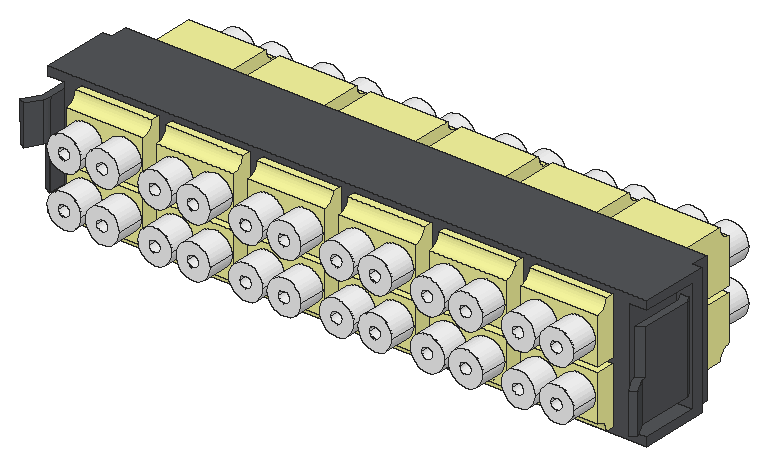
Revit family "LC Duplex 24 fibres", category Installations électriques, Revit 2020
Family settings
  Conserver l'orientation des annotations = Non
  Cote de connecteur circulaire = Utiliser le diamètre
  Type d'élément = Normal
  Basée sur le plan de construction = Non
  Toujours verticalement = Oui
  Couper avec des vides une fois chargée = Non
  Partagée = Non
  Point de calcul de pièce = Non
Parameters (values of type "Bloc LC Duplex HD 24 fibres multimode")
  Type de fibre optique = "Multimode"
  Type de connecteur interne = "LC_DUPLEX"
  Type de connecteur externe = "LC_DUPLEX"
  Température de stockage = "-10°C à 60°C"
  Température de fonctionnement = "-10°C à 60°C"
  Référence Legrand = "032125"
  RAL = "9017"
  Profondeur = 38.4 mm
  Nombre de connecteurs = 24
  Lien e-catalogue = "https://www.legrand.fr/reference/032125/pro"
  Libellé BIM = "Bloc LC Duplex HD 24 fibres multimode"
  Largeur des connecteurs = 13.5 mm
  Largeur de l'ouverture = 6 mm
  Largeur (mm) = 108.8 mm
  IP = "IP20"
  IK = "IK04"
  Hauteur des connecteurs = 10 mm
  Hauteur de l'ouverture = 1 mm
  Hauteur = 23 mm
  Fonction = "Panneaux de brassage à connecteur optique Legrand"
  Elévation par défaut = 0 mm
  EAN = "3414970961891"
  Couleur des connecteurs = IDS_JAUNE
  Couleur = IDS_NOIR
  Classe ETIM = "EC001130"
Types (2, lengths in mm): name | Type de fibre optique | Référence Legrand | Lien e-catalogue | Libellé BIM | EAN | Couleur des connecteurs
  Bloc LC Duplex HD 24 fibres monomode | "Monomode" | "032115" | "https://www.legrand.fr/reference/032115/pro" | "Bloc LC Duplex HD 24 fibres monomode" | "3414970961754" | IDS_BLEU
  Bloc LC Duplex HD 24 fibres multimode | "Multimode" | "032125" | "https://www.legrand.fr/reference/032125/pro" | "Bloc LC Duplex HD 24 fibres multimode" | "3414970961891" | IDS_JAUNE
Reference planes
  plane 1 "Centre (avant/arrière)": y = 0
  plane 2: z = 0
  plane 3 "Centre (gauche/droite)": x = 0
  plane 4 "Clip bas": z = 4
  plane 5 "Clip haut": z = 19
  plane 6: x = 105.5
  plane 7: x = 52.75
  plane 8: through (0.797, -2.504, 1200) normal (-0.866, 0.5, 0)
  plane 9: z = 1
  plane 10: z = 11
  plane 11: z = 12
  plane 12: z = 22
  plane 13: x = 6
  plane 14: x = 19.5
  plane 15: z = 23
  plane 16: x = 22
  plane 17: x = 35.5
  plane 18: x = 38
  plane 19: x = 51.5
  plane 20: x = 54
  plane 21: x = 67.5
  plane 22: x = 70
  plane 23: x = 83.5
  plane 24: x = 86
  plane 25: x = 99.5
  plane 26: y = -3.5
  plane 27: y = 25.5
  plane 28: z = 16
  plane 29: x = 12.75
  plane 30: x = 9.375
  plane 31: x = 16.125
  plane 32: z = 7
  plane 33: y = 11
  plane 34: z = 16
  plane 35: x = 28.75
  plane 36: x = 25.375
  plane 37: x = 32.125
  plane 38: z = 7
  plane 39: z = 16
  plane 40: x = 44.75
  plane 41: x = 41.375
  plane 42: x = 48.125
  plane 43: z = 7
  plane 44: z = 16
  plane 45: x = 60.75
  plane 46: x = 57.375
  plane 47: x = 64.125
  plane 48: z = 7
  plane 49: z = 16
  plane 50: x = 76.75
  plane 51: x = 73.375
  plane 52: x = 80.125
  plane 53: z = 7
  plane 54: z = 16
  plane 55: x = 92.75
  plane 56: x = 89.375
  plane 57: x = 96.125
  plane 58: z = 7
  plane 59: z = 16
  plane 60: x = 12.75
  plane 61: x = 9.375
  plane 62: x = 16.125
  plane 63: z = 7
  plane 64: z = 16
  plane 65: x = 28.75
  plane 66: x = 25.375
  plane 67: x = 32.125
  plane 68: z = 7
  plane 69: z = 16
  plane 70: x = 44.75
  plane 71: x = 41.375
  plane 72: x = 48.125
  plane 73: z = 7
  plane 74: z = 16
  plane 75: x = 60.75
  plane 76: x = 57.375
  plane 77: x = 64.125
  plane 78: z = 7
  plane 79: z = 16
  plane 80: x = 76.75
  plane 81: x = 73.375
  plane 82: x = 80.125
  plane 83: z = 7
  plane 84: z = 16
  plane 85: x = 92.75
  plane 86: x = 89.375
  plane 87: x = 96.125
  plane 88: z = 7
Forms (mm)
  Extrusion 1, solid, material "IDS_NOIR"
    sketch origin (0, 0, 0) x (1, 0, 0) y (0, 1, 0)
      loop
        line (0, 0) -> (105.5, 0) -> (105.5, 12) -> (103.9, 12) -> (103.9, 15) -> (1.6, 15) -> (1.6, 12) -> (0, 12) -> (0, 0)
    from 0 to 23
  Extrusion 2, void
    sketch origin (0, 0, 0) x (-1, 0, 0) y (0, 0, 1)
      loop
        line (0, 21.5) -> (-3, 21.5) -> (-3, 1.5) -> (0, 1.5) -> (0, 21.5)
      loop
        line (-105.5, 21.5) -> (-105.5, 1.5) -> (-102.5, 1.5) -> (-102.5, 21.5) -> (-105.5, 21.5)
    from 0 to 10
  Extrusion 3, solid, material "IDS_NOIR"
    sketch origin (0, 25.162, 4) x (0, 1, 0) y (-1, 0, 0)
      loop
        line (-29.912, 0.5) -> (-27.374, -0.965)
        arc (-27.374, -0.965) -> (-26.771, -1.215) -> (-26.124, -1.3) r 2.5
        line (-26.124, -1.3) -> (-16.662, -1.3) -> (-15.162, -2.166) -> (-15.162, -0.665) -> (-16.313, 0) -> (-26.446, 0) -> (-29.262, 1.626) -> (-29.912, 0.5)
      loop
        line (-29.912, -106) -> (-29.262, -107.126) -> (-26.446, -105.5) -> (-16.313, -105.5) -> (-15.162, -104.835) -> (-15.162, -103.334) -> (-16.662, -104.2) -> (-26.124, -104.2)
        arc (-26.124, -104.2) -> (-26.771, -104.285) -> (-27.374, -104.535) r 2.5
        line (-27.374, -104.535) -> (-29.912, -106)
    from 0 to 15
  Extrusion 4, void
    sketch origin (0.797, -2.504, 1200) x (0.5, 0.866025, 0) y (0, 0, 1)
      loop
        line (-2.593, -1196) -> (1.407, -1196) -> (1.407, -1188) -> (-2.593, -1188) -> (-2.593, -1196)
    from 0 to -2.615
  Extrusion 5, void
    sketch origin (104.703, -2.504, 1200) x (-0.5, 0.866025, 0) y (0, 0, -1)
      loop
        line (-2.593, 1181) -> (1.407, 1181) -> (1.407, 1189) -> (-2.593, 1189) -> (-2.593, 1181)
    from 0 to -2.615
  Extrusion 6, void
    sketch origin (2.941, 0, 0) x (-1, 0, 0) y (0, 0, 1)
      loop
        line (-3.059, 11) -> (-16.559, 11) -> (-16.559, 1) -> (-3.059, 1) -> (-3.059, 11)
      loop
        line (-19.059, 1) -> (-19.059, 11) -> (-32.559, 11) -> (-32.559, 1) -> (-19.059, 1)
      loop
        line (-35.059, 11) -> (-48.559, 11) -> (-48.559, 1) -> (-35.059, 1) -> (-35.059, 11)
      loop
        line (-51.059, 1) -> (-51.059, 11) -> (-64.559, 11) -> (-64.559, 1) -> (-51.059, 1)
      loop
        line (-67.059, 1) -> (-67.059, 11) -> (-80.559, 11) -> (-80.559, 1) -> (-67.059, 1)
      loop
        line (-83.059, 1) -> (-83.059, 11) -> (-96.559, 11) -> (-96.559, 1) -> (-83.059, 1)
    from 0 to 15
  Extrusion 7, void
    sketch origin (0, 0, 0) x (-1, 0, 0) y (0, 0, 1)
      loop
        line (-6, 12) -> (-6, 22) -> (-19.5, 22) -> (-19.5, 12) -> (-6, 12)
      loop
        line (-22, 12) -> (-22, 22) -> (-35.5, 22) -> (-35.5, 12) -> (-22, 12)
      loop
        line (-38, 22) -> (-51.5, 22) -> (-51.5, 12) -> (-38, 12) -> (-38, 22)
      loop
        line (-54, 12) -> (-54, 22) -> (-67.5, 22) -> (-67.5, 12) -> (-54, 12)
      loop
        line (-70, 12) -> (-70, 22) -> (-83.5, 22) -> (-83.5, 12) -> (-70, 12)
      loop
        line (-86, 12) -> (-86, 22) -> (-99.5, 22) -> (-99.5, 12) -> (-86, 12)
    from 0 to 15
  Extrusion 8, solid, material "IDS_JAUNE" <- "Couleur des connecteurs"
    sketch origin (3.167, -3.5, 1200) x (-1, 0, 0) y (0, 0, 1)
      loop
        line (-16.333, -1199) -> (-2.833, -1199) -> (-2.833, -1189) -> (-16.333, -1189) -> (-16.333, -1199)
      loop
        line (-16.333, -1188) -> (-2.833, -1188) -> (-2.833, -1178) -> (-16.333, -1178) -> (-16.333, -1188)
      loop
        line (-18.833, -1188) -> (-18.833, -1178) -> (-32.333, -1178) -> (-32.333, -1188) -> (-18.833, -1188)
      loop
        line (-18.833, -1189) -> (-32.333, -1189) -> (-32.333, -1199) -> (-18.833, -1199) -> (-18.833, -1189)
      loop
        line (-34.833, -1199) -> (-34.833, -1189) -> (-48.333, -1189) -> (-48.333, -1199) -> (-34.833, -1199)
      loop
        line (-48.333, -1188) -> (-34.833, -1188) -> (-34.833, -1178) -> (-48.333, -1178) -> (-48.333, -1188)
      loop
        line (-50.833, -1188) -> (-50.833, -1178) -> (-64.333, -1178) -> (-64.333, -1188) -> (-50.833, -1188)
      loop
        line (-50.833, -1189) -> (-64.333, -1189) -> (-64.333, -1199) -> (-50.833, -1199) -> (-50.833, -1189)
      loop
        line (-66.833, -1199) -> (-66.833, -1189) -> (-80.333, -1189) -> (-80.333, -1199) -> (-66.833, -1199)
      loop
        line (-80.333, -1188) -> (-66.833, -1188) -> (-66.833, -1178) -> (-80.333, -1178) -> (-80.333, -1188)
      loop
        line (-82.833, -1188) -> (-82.833, -1178) -> (-96.333, -1178) -> (-96.333, -1188) -> (-82.833, -1188)
      loop
        line (-82.833, -1189) -> (-96.333, -1189) -> (-96.333, -1199) -> (-82.833, -1199) -> (-82.833, -1189)
    from 0 to 29
  Extrusion 9, void
    sketch origin (6, -1524, 1.878) x (0, 0, 1) y (0, -1, 0)
      loop
        line (-0.878, -1520.5) -> (-0.878, -1522.5)
        arc (-0.878, -1522.5) -> (0.536, -1521.914) -> (1.122, -1520.5) r 2
        line (1.122, -1520.5) -> (-0.878, -1520.5)
      loop
        line (20.122, -1522.5) -> (20.122, -1520.5) -> (18.122, -1520.5)
        arc (18.122, -1520.5) -> (18.707, -1521.914) -> (20.122, -1522.5) r 2
      loop
        line (18.122, -1549.5) -> (20.122, -1549.5) -> (20.122, -1547.5)
        arc (20.122, -1547.5) -> (18.707, -1548.086) -> (18.122, -1549.5) r 2
      loop
        line (-0.878, -1549.5) -> (1.122, -1549.5)
        arc (1.122, -1549.5) -> (0.536, -1548.086) -> (-0.878, -1547.5) r 2
        line (-0.878, -1547.5) -> (-0.878, -1549.5)
    from 0 to 93.5
  Extrusion 10, solid, material "IDS_BLANC"
    sketch origin (3.167, -3.5, 1200) x (-1, 0, 0) y (0, 0, 1)
      loop
        circle (-6.208, -1184) r 3
      loop
        circle (-6.208, -1184) r 1
      loop
        circle (-12.958, -1184) r 3
      loop
        circle (-12.958, -1184) r 1
      loop
        circle (-6.208, -1193) r 3
      loop
        circle (-6.208, -1193) r 1
      loop
        circle (-12.958, -1193) r 3
      loop
        circle (-12.958, -1193) r 1
    from 0 to -4.7
  Extrusion 11, solid, material "IDS_BLANC"
    sketch origin (19.167, -3.5, 1200) x (-1, 0, 0) y (0, 0, 1)
      loop
        circle (-6.208, -1184) r 3
      loop
        circle (-6.208, -1184) r 1
      loop
        circle (-12.958, -1184) r 3
      loop
        circle (-12.958, -1184) r 1
      loop
        circle (-6.208, -1193) r 3
      loop
        circle (-6.208, -1193) r 1
      loop
        circle (-12.958, -1193) r 3
      loop
        circle (-12.958, -1193) r 1
    from 0 to -4.7
  Extrusion 12, solid, material "IDS_BLANC"
    sketch origin (35.167, -3.5, 1200) x (-1, 0, 0) y (0, 0, 1)
      loop
        circle (-6.208, -1184) r 3
      loop
        circle (-6.208, -1184) r 1
      loop
        circle (-12.958, -1184) r 3
      loop
        circle (-12.958, -1184) r 1
      loop
        circle (-6.208, -1193) r 3
      loop
        circle (-6.208, -1193) r 1
      loop
        circle (-12.958, -1193) r 3
      loop
        circle (-12.958, -1193) r 1
    from 0 to -4.7
  Extrusion 13, solid, material "IDS_BLANC"
    sketch origin (51.167, -3.5, 1200) x (-1, 0, 0) y (0, 0, 1)
      loop
        circle (-6.208, -1184) r 3
      loop
        circle (-6.208, -1184) r 1
      loop
        circle (-12.958, -1184) r 3
      loop
        circle (-12.958, -1184) r 1
      loop
        circle (-6.208, -1193) r 3
      loop
        circle (-6.208, -1193) r 1
      loop
        circle (-12.958, -1193) r 3
      loop
        circle (-12.958, -1193) r 1
    from 0 to -4.7
  Extrusion 14, solid, material "IDS_BLANC"
    sketch origin (67.167, -3.5, 1200) x (-1, 0, 0) y (0, 0, 1)
      loop
        circle (-6.208, -1184) r 3
      loop
        circle (-6.208, -1184) r 1
      loop
        circle (-12.958, -1184) r 3
      loop
        circle (-12.958, -1184) r 1
      loop
        circle (-6.208, -1193) r 3
      loop
        circle (-6.208, -1193) r 1
      loop
        circle (-12.958, -1193) r 3
      loop
        circle (-12.958, -1193) r 1
    from 0 to -4.7
  Extrusion 15, solid, material "IDS_BLANC"
    sketch origin (83.167, -3.5, 1200) x (-1, 0, 0) y (0, 0, 1)
      loop
        circle (-6.208, -1184) r 3
      loop
        circle (-6.208, -1184) r 1
      loop
        circle (-12.958, -1184) r 3
      loop
        circle (-12.958, -1184) r 1
      loop
        circle (-6.208, -1193) r 3
      loop
        circle (-6.208, -1193) r 1
      loop
        circle (-12.958, -1193) r 3
      loop
        circle (-12.958, -1193) r 1
    from 0 to -4.7
  Extrusion 16, solid, material "IDS_BLANC"
    sketch origin (3.167, 25.5, 1200) x (-1, 0, 0) y (0, 0, -1)
      loop
        circle (-6.208, 1184) r 3
      loop
        circle (-6.208, 1184) r 1
      loop
        circle (-12.958, 1184) r 3
      loop
        circle (-12.958, 1184) r 1
      loop
        circle (-6.208, 1193) r 3
      loop
        circle (-6.208, 1193) r 1
      loop
        circle (-12.958, 1193) r 3
      loop
        circle (-12.958, 1193) r 1
    from 0 to -4.7
  Extrusion 17, solid, material "IDS_BLANC"
    sketch origin (19.167, 25.5, 1200) x (-1, 0, 0) y (0, 0, -1)
      loop
        circle (-6.208, 1184) r 3
      loop
        circle (-6.208, 1184) r 1
      loop
        circle (-12.958, 1184) r 3
      loop
        circle (-12.958, 1184) r 1
      loop
        circle (-6.208, 1193) r 3
      loop
        circle (-6.208, 1193) r 1
      loop
        circle (-12.958, 1193) r 3
      loop
        circle (-12.958, 1193) r 1
    from 0 to -4.7
  Extrusion 18, solid, material "IDS_BLANC"
    sketch origin (35.167, 25.5, 1200) x (-1, 0, 0) y (0, 0, -1)
      loop
        circle (-6.208, 1184) r 3
      loop
        circle (-6.208, 1184) r 1
      loop
        circle (-12.958, 1184) r 3
      loop
        circle (-12.958, 1184) r 1
      loop
        circle (-6.208, 1193) r 3
      loop
        circle (-6.208, 1193) r 1
      loop
        circle (-12.958, 1193) r 3
      loop
        circle (-12.958, 1193) r 1
    from 0 to -4.7
  Extrusion 19, solid, material "IDS_BLANC"
    sketch origin (51.167, 25.5, 1200) x (-1, 0, 0) y (0, 0, -1)
      loop
        circle (-6.208, 1184) r 3
      loop
        circle (-6.208, 1184) r 1
      loop
        circle (-12.958, 1184) r 3
      loop
        circle (-12.958, 1184) r 1
      loop
        circle (-6.208, 1193) r 3
      loop
        circle (-6.208, 1193) r 1
      loop
        circle (-12.958, 1193) r 3
      loop
        circle (-12.958, 1193) r 1
    from 0 to -4.7
  Extrusion 20, solid, material "IDS_BLANC"
    sketch origin (67.167, 25.5, 1200) x (-1, 0, 0) y (0, 0, -1)
      loop
        circle (-6.208, 1184) r 3
      loop
        circle (-6.208, 1184) r 1
      loop
        circle (-12.958, 1184) r 3
      loop
        circle (-12.958, 1184) r 1
      loop
        circle (-6.208, 1193) r 3
      loop
        circle (-6.208, 1193) r 1
      loop
        circle (-12.958, 1193) r 3
      loop
        circle (-12.958, 1193) r 1
    from 0 to -4.7
  Extrusion 21, solid, material "IDS_BLANC"
    sketch origin (83.167, 25.5, 1200) x (-1, 0, 0) y (0, 0, -1)
      loop
        circle (-6.208, 1184) r 3
      loop
        circle (-6.208, 1184) r 1
      loop
        circle (-12.958, 1184) r 3
      loop
        circle (-12.958, 1184) r 1
      loop
        circle (-6.208, 1193) r 3
      loop
        circle (-6.208, 1193) r 1
      loop
        circle (-12.958, 1193) r 3
      loop
        circle (-12.958, 1193) r 1
    from 0 to -4.7
Cuts and joins
  Extrusion 2, Extrusion 6, Extrusion 7 cuts Extrusion 1
  Extrusion 4, Extrusion 5 cuts Extrusion 3
  Extrusion 9 cuts Extrusion 8
Dimensions and locks
  locked: plane 1 "Centre (avant/arrière)" to Extrusion 1 sketch curve at 15
  locked: Extrusion 1 sketch curve to Extrusion 1 sketch curve at 105.5
  locked: Extrusion 1 sketch curve to Extrusion 1 sketch curve at 1.6  (x2)
  locked: Extrusion 1 sketch curve to Extrusion 1 sketch curve at 12
  locked: Extrusion 2 sketch curve to level at 1.5
  locked: Extrusion 1 to Extrusion 2 sketch curve at 1.5
  locked: Extrusion 2 sketch curve to plane 3 "Centre (gauche/droite)" at 3
  locked: Extrusion 2 sketch curve to Extrusion 1 at 3
  plane 4 "Clip bas" to level = 4 mm
  cut or joined group of Extrusion 1, Extrusion 2, Extrusion 6, Extrusion 7 to plane 5 "Clip haut" = 4 mm
  locked: Extrusion 3 sketch curve to plane 3 "Centre (gauche/droite)" at 0.5
  locked: Extrusion 3 sketch curve to plane 1 "Centre (avant/arrière)" at 4.75
  locked: plane 3 "Centre (gauche/droite)" to Extrusion 3 sketch curve at 1.3
  plane 1 "Centre (avant/arrière)" to Extrusion 3 sketch curve = 8.5 mm
  equal spacing: plane 3 "Centre (gauche/droite)", plane 7, plane 6, locked at 52.75 each
  locked: Extrusion 3 to Extrusion 4 sketch curve at 4
  locked: Extrusion 3 to Extrusion 4 sketch curve at 8
  cut or joined group of Extrusion 3, Extrusion 4, Extrusion 5 to Extrusion 5 sketch curve = 8 mm
  Extrusion 5 sketch curve to cut or joined group of Extrusion 3, Extrusion 4, Extrusion 5 = 4 mm
  "Hauteur de l'ouverture": plane 9 to level
  "Hauteur des connecteurs": plane 10 to plane 9
  "Hauteur des connecteurs": plane 12 to plane 11
  "Largeur de l'ouverture": plane 13 to plane 3 "Centre (gauche/droite)"
  "Largeur des connecteurs": plane 13 to plane 14
  locked: plane 15 to level at 23
  "Hauteur de l'ouverture": plane 15 to plane 12
  "Largeur des connecteurs": plane 16 to plane 17
  locked: plane 14 to plane 16 at 2.5
  locked: plane 17 to plane 18 at 2.5
  "Largeur des connecteurs": plane 18 to plane 19
  "Largeur de l'ouverture": plane 6 to plane 25
  "Largeur des connecteurs": plane 24 to plane 25
  locked: plane 24 to plane 23 at 2.5
  "Largeur des connecteurs": plane 23 to plane 22
  plane 21 to plane 22 = 2.5 mm
  "Largeur des connecteurs": plane 21 to plane 20
  locked: plane 26 to cut or joined group of Extrusion 1, Extrusion 2, Extrusion 6, Extrusion 7 at 3.5
  locked: plane 27 to cut or joined group of Extrusion 1, Extrusion 2, Extrusion 6, Extrusion 7 at 10.5
  equal spacing: cut or joined group of Extrusion 8, Extrusion 9, plane 28, cut or joined group of Extrusion 8, Extrusion 9
  equal spacing: cut or joined group of Extrusion 8, Extrusion 9, plane 29, cut or joined group of Extrusion 8, Extrusion 9
  equal spacing: cut or joined group of Extrusion 8, Extrusion 9, plane 30, plane 29
  equal spacing: cut or joined group of Extrusion 8, Extrusion 9, plane 31, plane 29
  equal spacing: cut or joined group of Extrusion 8, Extrusion 9, plane 32, cut or joined group of Extrusion 8, Extrusion 9
  equal spacing: plane 27, plane 33, plane 26
  plane 36 to plane 35 = 3.375 mm
  plane 37 to plane 35 = 3.375 mm
  plane 41 to plane 40 = 3.375 mm
  plane 42 to plane 40 = 3.375 mm
  plane 46 to plane 45 = 3.375 mm
  plane 47 to plane 45 = 3.375 mm
  plane 51 to plane 50 = 3.375 mm
  plane 52 to plane 50 = 3.375 mm
  plane 56 to plane 55 = 3.375 mm
  plane 57 to plane 55 = 3.375 mm
  plane 61 to plane 60 = 3.375 mm
  plane 62 to plane 60 = 3.375 mm
  plane 66 to plane 65 = 3.375 mm
  plane 67 to plane 65 = 3.375 mm
  plane 71 to plane 70 = 3.375 mm
  plane 72 to plane 70 = 3.375 mm
  plane 76 to plane 75 = 3.375 mm
  plane 77 to plane 75 = 3.375 mm
  plane 81 to plane 80 = 3.375 mm
  plane 82 to plane 80 = 3.375 mm
  plane 86 to plane 85 = 3.375 mm
  plane 87 to plane 85 = 3.375 mm
  radius of Extrusion 9 sketch curve = 2 mm  (x4)
  locked: cut or joined group of Extrusion 1, Extrusion 2, Extrusion 6, Extrusion 7 to Extrusion 3 sketch curve (angle 60.00°)
  aligned and locked: level to plane 2
  aligned and locked: plane 5 "Clip haut" to Extrusion 3
  aligned and locked: Extrusion 3 to plane 4 "Clip bas"
  aligned and locked: plane 6 to cut or joined group of Extrusion 1, Extrusion 2, Extrusion 6, Extrusion 7
  aligned and locked: Extrusion 4 sketch curve to Extrusion 3
  aligned and locked: Extrusion 3 to Extrusion 4 sketch curve
  aligned and locked: plane 8 to Extrusion 3
  aligned and locked: Extrusion 5 sketch curve to cut or joined group of Extrusion 3, Extrusion 4, Extrusion 5
  aligned and locked: plane 15 to cut or joined group of Extrusion 1, Extrusion 2, Extrusion 6, Extrusion 7
  aligned and locked: Extrusion 6 to plane 9
  aligned and locked: plane 10 to Extrusion 6
  aligned and locked: plane 13 to Extrusion 6
  aligned and locked: Extrusion 6 to plane 14
  aligned and locked: plane 9 to Extrusion 6 sketch curve  (x4)
  aligned and locked: Extrusion 6 sketch curve to plane 16
  aligned and locked: Extrusion 6 sketch curve to plane 10  (x4)
  aligned and locked: Extrusion 6 sketch curve to plane 17
  aligned and locked: plane 10 to Extrusion 6 sketch curve
  aligned and locked: plane 18 to Extrusion 6 sketch curve
  aligned and locked: Extrusion 6 sketch curve to plane 9
  aligned and locked: plane 19 to Extrusion 6 sketch curve
  aligned and locked: Extrusion 6 sketch curve to plane 20
  aligned and locked: Extrusion 6 sketch curve to plane 21
  aligned and locked: Extrusion 6 sketch curve to plane 22
  aligned and locked: Extrusion 6 sketch curve to plane 23
  aligned and locked: Extrusion 6 sketch curve to plane 24
  aligned and locked: Extrusion 6 sketch curve to plane 25
  aligned and locked: plane 11 to Extrusion 7 sketch curve  (x5)
  aligned and locked: Extrusion 7 sketch curve to plane 12  (x5)
  aligned and locked: plane 14 to Extrusion 7 sketch curve
  aligned and locked: Extrusion 7 sketch curve to plane 13
  aligned and locked: Extrusion 7 sketch curve to plane 16
  aligned and locked: plane 17 to Extrusion 7 sketch curve
  aligned and locked: plane 12 to Extrusion 7 sketch curve
  aligned and locked: plane 18 to Extrusion 7 sketch curve
  aligned and locked: Extrusion 7 sketch curve to plane 11
  aligned and locked: plane 19 to Extrusion 7 sketch curve
  aligned and locked: Extrusion 7 sketch curve to plane 20
  aligned and locked: Extrusion 7 sketch curve to plane 21
  aligned and locked: Extrusion 7 sketch curve to plane 22
  aligned and locked: Extrusion 7 sketch curve to plane 23
  aligned and locked: Extrusion 7 sketch curve to plane 24
  aligned and locked: Extrusion 7 sketch curve to plane 25
  aligned and locked: Extrusion 1 to Extrusion 7
  aligned and locked: Extrusion 1 to Extrusion 6
  aligned and locked: Extrusion 2 sketch curve to Extrusion 2 sketch curve  (x2)
  aligned and locked: Extrusion 8 sketch curve to cut or joined group of Extrusion 1, Extrusion 2, Extrusion 6, Extrusion 7  (x48)
  aligned and locked: plane 27 to Extrusion 8
  aligned and locked: Extrusion 8 to Extrusion 9 sketch curve  (x3)
  aligned and locked: Extrusion 9 sketch curve to Extrusion 8  (x2)
  aligned and locked: Extrusion 9 to cut or joined group of Extrusion 1, Extrusion 2, Extrusion 6, Extrusion 7
Automatic sketch dimensions
  plane 1 "Centre (avant/arrière)" to Extrusion 1 sketch curve = 0 mm
  Extrusion 1 sketch curve to plane 3 "Centre (gauche/droite)" = 0 mm
  plane 33 to Extrusion 1 sketch curve = 1 mm
  plane 6 to Extrusion 2 sketch curve = 0 mm
  Extrusion 2 sketch curve to plane 3 "Centre (gauche/droite)" = 0 mm
  Extrusion 3 sketch curve to plane 6 = 0 mm
  Extrusion 3 sketch curve to plane 3 "Centre (gauche/droite)" = 0 mm
  Extrusion 3 sketch curve to plane 26 = 1.25 mm
  Extrusion 3 sketch curve to plane 26 = 0.6 mm  (x2)
  plane 3 "Centre (gauche/droite)" to Extrusion 3 sketch curve = 0.965 mm
  plane 26 to Extrusion 3 sketch curve = 1.288 mm
  plane 1 "Centre (avant/arrière)" to Extrusion 3 sketch curve = 1.284 mm
  plane 1 "Centre (avant/arrière)" to Extrusion 3 sketch curve = 0.962 mm  (x2)
  Extrusion 3 sketch curve to plane 33 = 2.5 mm
  Extrusion 3 sketch curve to Extrusion 3 sketch curve = 0.348 mm  (x2)
  Extrusion 3 sketch curve to plane 33 = 1 mm  (x2)
  Extrusion 3 sketch curve to plane 6 = 0.5 mm
  Extrusion 3 sketch curve to plane 6 = 1.2 mm
  plane 6 to Extrusion 3 sketch curve = 0.665 mm
  Extrusion 3 sketch curve to Extrusion 3 sketch curve = 1.501 mm
  Extrusion 3 sketch curve to Extrusion 3 sketch curve = 0.866 mm
  plane 3 "Centre (gauche/droite)" to Extrusion 3 sketch curve = 0.665 mm
  Extrusion 5 sketch curve to Extrusion 5 sketch curve = 4 mm
  Extrusion 6 sketch curve to plane 10 = 0 mm
  plane 14 to Extrusion 6 sketch curve = 0 mm
  Extrusion 6 sketch curve to plane 9 = 0 mm
  Extrusion 6 sketch curve to plane 13 = 0 mm
  Extrusion 9 sketch curve to plane 9 = 0 mm
  Extrusion 9 sketch curve to plane 27 = 0 mm
  Extrusion 9 sketch curve to plane 26 = 0 mm
  Extrusion 10 sketch curve to Extrusion 10 sketch curve = 0 mm  (x8)
  plane 31 to Extrusion 10 sketch curve = 0 mm  (x2)
  Extrusion 10 sketch curve to plane 28 = 0 mm  (x2)
  Extrusion 10 sketch curve to plane 30 = 0 mm  (x2)
  Extrusion 10 sketch curve to plane 32 = 0 mm  (x2)
  Extrusion 11 sketch curve to Extrusion 11 sketch curve = 0 mm  (x8)
  plane 37 to Extrusion 11 sketch curve = 0 mm  (x2)
  Extrusion 11 sketch curve to plane 34 = 0 mm  (x2)
  Extrusion 11 sketch curve to plane 36 = 0 mm  (x2)
  Extrusion 11 sketch curve to plane 38 = 0 mm  (x2)
  Extrusion 12 sketch curve to Extrusion 12 sketch curve = 0 mm  (x8)
  plane 42 to Extrusion 12 sketch curve = 0 mm  (x2)
  Extrusion 12 sketch curve to plane 39 = 0 mm  (x2)
  Extrusion 12 sketch curve to plane 41 = 0 mm  (x2)
  Extrusion 12 sketch curve to plane 43 = 0 mm  (x2)
  Extrusion 13 sketch curve to Extrusion 13 sketch curve = 0 mm  (x8)
  plane 47 to Extrusion 13 sketch curve = 0 mm  (x2)
  Extrusion 13 sketch curve to plane 44 = 0 mm  (x2)
  Extrusion 13 sketch curve to plane 46 = 0 mm  (x2)
  Extrusion 13 sketch curve to plane 48 = 0 mm  (x2)
  Extrusion 14 sketch curve to Extrusion 14 sketch curve = 0 mm  (x8)
  plane 52 to Extrusion 14 sketch curve = 0 mm  (x2)
  Extrusion 14 sketch curve to plane 49 = 0 mm  (x2)
  Extrusion 14 sketch curve to plane 51 = 0 mm  (x2)
  Extrusion 14 sketch curve to plane 53 = 0 mm  (x2)
  Extrusion 15 sketch curve to Extrusion 15 sketch curve = 0 mm  (x8)
  plane 57 to Extrusion 15 sketch curve = 0 mm  (x2)
  Extrusion 15 sketch curve to plane 54 = 0 mm  (x2)
  Extrusion 15 sketch curve to plane 56 = 0 mm  (x2)
  Extrusion 15 sketch curve to plane 58 = 0 mm  (x2)
  Extrusion 16 sketch curve to Extrusion 16 sketch curve = 0 mm  (x8)
  plane 62 to Extrusion 16 sketch curve = 0 mm  (x2)
  Extrusion 16 sketch curve to plane 59 = 0 mm  (x2)
  Extrusion 16 sketch curve to plane 61 = 0 mm  (x2)
  Extrusion 16 sketch curve to plane 63 = 0 mm  (x2)
  Extrusion 17 sketch curve to Extrusion 17 sketch curve = 0 mm  (x8)
  plane 67 to Extrusion 17 sketch curve = 0 mm  (x2)
  Extrusion 17 sketch curve to plane 64 = 0 mm  (x2)
  Extrusion 17 sketch curve to plane 66 = 0 mm  (x2)
  Extrusion 17 sketch curve to plane 68 = 0 mm  (x2)
  Extrusion 18 sketch curve to Extrusion 18 sketch curve = 0 mm  (x8)
  plane 72 to Extrusion 18 sketch curve = 0 mm  (x2)
  Extrusion 18 sketch curve to plane 69 = 0 mm  (x2)
  Extrusion 18 sketch curve to plane 71 = 0 mm  (x2)
  Extrusion 18 sketch curve to plane 73 = 0 mm  (x2)
  Extrusion 19 sketch curve to Extrusion 19 sketch curve = 0 mm  (x8)
  plane 77 to Extrusion 19 sketch curve = 0 mm  (x2)
  Extrusion 19 sketch curve to plane 74 = 0 mm  (x2)
  Extrusion 19 sketch curve to plane 76 = 0 mm  (x2)
  Extrusion 19 sketch curve to plane 78 = 0 mm  (x2)
  Extrusion 20 sketch curve to Extrusion 20 sketch curve = 0 mm  (x8)
  plane 82 to Extrusion 20 sketch curve = 0 mm  (x2)
  Extrusion 20 sketch curve to plane 79 = 0 mm  (x2)
  Extrusion 20 sketch curve to plane 81 = 0 mm  (x2)
  Extrusion 20 sketch curve to plane 83 = 0 mm  (x2)
  Extrusion 21 sketch curve to Extrusion 21 sketch curve = 0 mm  (x8)
  plane 87 to Extrusion 21 sketch curve = 0 mm  (x2)
  Extrusion 21 sketch curve to plane 84 = 0 mm  (x2)
  Extrusion 21 sketch curve to plane 86 = 0 mm  (x2)
  Extrusion 21 sketch curve to plane 88 = 0 mm  (x2)
  radius of Extrusion 10 sketch curve = 3 mm  (x4)
  radius of Extrusion 10 sketch curve = 1 mm  (x4)
  radius of Extrusion 11 sketch curve = 3 mm  (x4)
  radius of Extrusion 11 sketch curve = 1 mm  (x4)
  radius of Extrusion 12 sketch curve = 3 mm  (x4)
  radius of Extrusion 12 sketch curve = 1 mm  (x4)
  radius of Extrusion 13 sketch curve = 3 mm  (x4)
  radius of Extrusion 13 sketch curve = 1 mm  (x4)
  radius of Extrusion 14 sketch curve = 3 mm  (x4)
  radius of Extrusion 14 sketch curve = 1 mm  (x4)
  radius of Extrusion 15 sketch curve = 3 mm  (x4)
  radius of Extrusion 15 sketch curve = 1 mm  (x4)
  radius of Extrusion 16 sketch curve = 3 mm  (x4)
  radius of Extrusion 16 sketch curve = 1 mm  (x4)
  radius of Extrusion 17 sketch curve = 3 mm  (x4)
  radius of Extrusion 17 sketch curve = 1 mm  (x4)
  radius of Extrusion 18 sketch curve = 3 mm  (x4)
  radius of Extrusion 18 sketch curve = 1 mm  (x4)
  radius of Extrusion 19 sketch curve = 3 mm  (x4)
  radius of Extrusion 19 sketch curve = 1 mm  (x4)
  radius of Extrusion 20 sketch curve = 3 mm  (x4)
  radius of Extrusion 20 sketch curve = 1 mm  (x4)
  radius of Extrusion 21 sketch curve = 3 mm  (x4)
  radius of Extrusion 21 sketch curve = 1 mm  (x4)
